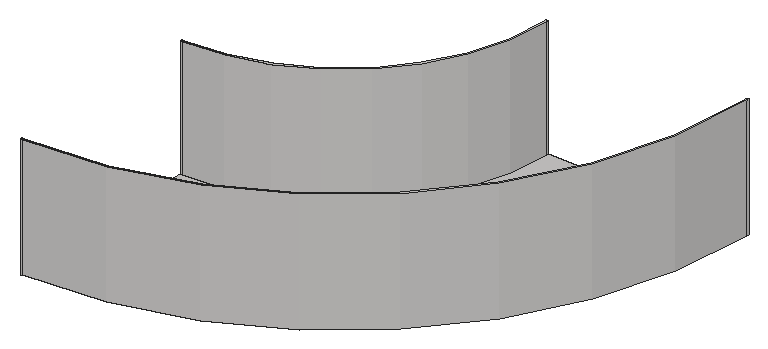
Revit family "S4R_OBO BETTERMANN_CableTray_Bend_Horizontal_RB FS", category Cable Tray Fittings, Revit 2012
Parameters
  Wholesaler art.no. = ""
  Wholesaler = ""
  Watermarked By = "www.stabiplan.com"
  WIDTH2 [instance] = WIDTH1  # 100 mm
  WIDTH1 [instance] = 100 mm
  VERSION = "91700"  # constant formula
  URL = "www.stabiplan.com"
  built-in parameter 1140111 [instance] = 1 mm
  TYPE [instance] = "RB FS"  # constant formula
  StabiCAD_PM = ""
  Safe_Half_Width2 [instance] = if(not([built-in parameter 1140115] > Half_Width2), [built-in parameter 1140115] - 0.2 mm, Half_Width2)  # 50 mm
  Safe_Half_Width1 [instance] = if(not([built-in parameter 1140115] > Half_Width1), [built-in parameter 1140115] - 0.2 mm, Half_Width1)  # 50 mm
  Manufacturer = "OBO BETTERMANN"  # constant formula
  Lmin [instance] = if(LENGTH1 > LENGTH2, LENGTH2, LENGTH1) - 1 mm  # 149 mm
  PRODUCTLINE [instance] = "OBO BETTERMANN CableTrays"  # constant formula
  LENGTH2 [instance] = if(and(WIDTH1 = 100 mm, HEIGHT1 = 60 mm, ANGLE2 = 90.00°), 150 mm, if(and(WIDTH1 = 200 mm, HEIGHT1 = 60 mm, ANGLE2 = 90.00°), 200 mm, if(and(WIDTH1 = 300 mm, HEIGHT1 = 60 mm, ANGLE2 = 90.00°), 250 mm, if(and(WIDTH1 = 400 mm, HEIGHT1 = 60 mm, ANGLE2 = 90.00°), 455 mm, if(and(WIDTH1 = 500 mm, HEIGHT1 = 60 mm, ANGLE2 = 90.00°), 505 mm, if(and(WIDTH1 = 600 mm, HEIGHT1 = 60 mm, ANGLE2 = 90.00°), 555 mm, if(and(WIDTH1 = 100 mm, HEIGHT1 = 110 mm, ANGLE2 = 90.00°), 150 mm, if(and(WIDTH1 = 200 mm, HEIGHT1 = 110 mm, ANGLE2 = 90.00°), 200 mm, if(and(WIDTH1 = 300 mm, HEIGHT1 = 110 mm, ANGLE2 = 90.00°), 250 mm, if(and(WIDTH1 = 400 mm, HEIGHT1 = 110 mm, ANGLE2 = 90.00°), 455 mm, if(and(WIDTH1 = 500 mm, HEIGHT1 = 110 mm, ANGLE2 = 90.00°), 505 mm, if(and(WIDTH1 = 550 mm, HEIGHT1 = 110 mm, ANGLE2 = 90.00°), 530 mm, if(and(WIDTH1 = 100 mm, HEIGHT1 = 60 mm, ANGLE2 = 45.00°), 150 mm, if(and(WIDTH1 = 150 mm, HEIGHT1 = 60 mm, ANGLE2 = 45.00°), 150 mm, if(and(WIDTH1 = 200 mm, HEIGHT1 = 60 mm, ANGLE2 = 45.00°), 150 mm, if(and(WIDTH1 = 300 mm, HEIGHT1 = 60 mm, ANGLE2 = 45.00°), 150 mm, if(and(WIDTH1 = 400 mm, HEIGHT1 = 60 mm, ANGLE2 = 45.00°), 255 mm, if(and(WIDTH1 = 500 mm, HEIGHT1 = 60 mm, ANGLE2 = 45.00°), 255 mm, if(and(WIDTH1 = 600 mm, HEIGHT1 = 60 mm, ANGLE2 = 45.00°), 255 mm, if(and(WIDTH1 = 100 mm, HEIGHT1 = 85 mm, ANGLE2 = 45.00°), 150 mm, if(and(WIDTH1 = 200 mm, HEIGHT1 = 85 mm, ANGLE2 = 45.00°), 150 mm, if(and(WIDTH1 = 300 mm, HEIGHT1 = 85 mm, ANGLE2 = 45.00°), 150 mm, if(and(WIDTH1 = 100 mm, HEIGHT1 = 110 mm, ANGLE2 = 45.00°), 150 mm, if(and(WIDTH1 = 200 mm, HEIGHT1 = 110 mm, ANGLE2 = 45.00°), 150 mm, if(and(WIDTH1 = 300 mm, HEIGHT1 = 110 mm, ANGLE2 = 45.00°), 150 mm, if(and(WIDTH1 = 100 mm, HEIGHT1 = 35 mm, ANGLE2 = 90.00°), 153 mm, if(and(WIDTH1 = 150 mm, HEIGHT1 = 35 mm, ANGLE2 = 90.00°), 178 mm, if(and(WIDTH1 = 200 mm, HEIGHT1 = 35 mm, ANGLE2 = 90.00°), 203 mm, if(and(WIDTH1 = 300 mm, HEIGHT1 = 35 mm, ANGLE2 = 90.00°), 253 mm, if(and(WIDTH1 = 150 mm, HEIGHT1 = 60 mm, ANGLE2 = 90.00°), 178 mm, if(and(WIDTH1 = 100 mm, HEIGHT1 = 85 mm, ANGLE2 = 90.00°), 153 mm, if(and(WIDTH1 = 200 mm, HEIGHT1 = 85 mm, ANGLE2 = 90.00°), 203 mm, if(and(WIDTH1 = 300 mm, HEIGHT1 = 85 mm, ANGLE2 = 90.00°), 253 mm, if(and(WIDTH1 = 400 mm, HEIGHT1 = 85 mm, ANGLE2 = 90.00°), 455 mm, if(and(WIDTH1 = 500 mm, HEIGHT1 = 85 mm, ANGLE2 = 90.00°), 505 mm, if(and(WIDTH1 = 600 mm, HEIGHT1 = 85 mm, ANGLE2 = 90.00°), 555 mm, WIDTH1 * 2))))))))))))))))))))))))))))))))))))  # 150 mm
  LENGTH1 [instance] = if(and(WIDTH1 = 100 mm, HEIGHT1 = 60 mm, ANGLE2 = 90.00°), 150 mm, if(and(WIDTH1 = 200 mm, HEIGHT1 = 60 mm, ANGLE2 = 90.00°), 200 mm, if(and(WIDTH1 = 300 mm, HEIGHT1 = 60 mm, ANGLE2 = 90.00°), 250 mm, if(and(WIDTH1 = 400 mm, HEIGHT1 = 60 mm, ANGLE2 = 90.00°), 455 mm, if(and(WIDTH1 = 500 mm, HEIGHT1 = 60 mm, ANGLE2 = 90.00°), 505 mm, if(and(WIDTH1 = 600 mm, HEIGHT1 = 60 mm, ANGLE2 = 90.00°), 555 mm, if(and(WIDTH1 = 100 mm, HEIGHT1 = 110 mm, ANGLE2 = 90.00°), 150 mm, if(and(WIDTH1 = 200 mm, HEIGHT1 = 110 mm, ANGLE2 = 90.00°), 200 mm, if(and(WIDTH1 = 300 mm, HEIGHT1 = 110 mm, ANGLE2 = 90.00°), 250 mm, if(and(WIDTH1 = 400 mm, HEIGHT1 = 110 mm, ANGLE2 = 90.00°), 455 mm, if(and(WIDTH1 = 500 mm, HEIGHT1 = 110 mm, ANGLE2 = 90.00°), 505 mm, if(and(WIDTH1 = 550 mm, HEIGHT1 = 110 mm, ANGLE2 = 90.00°), 530 mm, if(and(WIDTH1 = 100 mm, HEIGHT1 = 60 mm, ANGLE2 = 45.00°), 150 mm, if(and(WIDTH1 = 150 mm, HEIGHT1 = 60 mm, ANGLE2 = 45.00°), 150 mm, if(and(WIDTH1 = 200 mm, HEIGHT1 = 60 mm, ANGLE2 = 45.00°), 150 mm, if(and(WIDTH1 = 300 mm, HEIGHT1 = 60 mm, ANGLE2 = 45.00°), 150 mm, if(and(WIDTH1 = 400 mm, HEIGHT1 = 60 mm, ANGLE2 = 45.00°), 255 mm, if(and(WIDTH1 = 500 mm, HEIGHT1 = 60 mm, ANGLE2 = 45.00°), 255 mm, if(and(WIDTH1 = 600 mm, HEIGHT1 = 60 mm, ANGLE2 = 45.00°), 255 mm, if(and(WIDTH1 = 100 mm, HEIGHT1 = 85 mm, ANGLE2 = 45.00°), 150 mm, if(and(WIDTH1 = 200 mm, HEIGHT1 = 85 mm, ANGLE2 = 45.00°), 150 mm, if(and(WIDTH1 = 300 mm, HEIGHT1 = 85 mm, ANGLE2 = 45.00°), 150 mm, if(and(WIDTH1 = 100 mm, HEIGHT1 = 110 mm, ANGLE2 = 45.00°), 150 mm, if(and(WIDTH1 = 200 mm, HEIGHT1 = 110 mm, ANGLE2 = 45.00°), 150 mm, if(and(WIDTH1 = 300 mm, HEIGHT1 = 110 mm, ANGLE2 = 45.00°), 150 mm, if(and(WIDTH1 = 100 mm, HEIGHT1 = 35 mm, ANGLE2 = 90.00°), 153 mm, if(and(WIDTH1 = 150 mm, HEIGHT1 = 35 mm, ANGLE2 = 90.00°), 178 mm, if(and(WIDTH1 = 200 mm, HEIGHT1 = 35 mm, ANGLE2 = 90.00°), 203 mm, if(and(WIDTH1 = 300 mm, HEIGHT1 = 35 mm, ANGLE2 = 90.00°), 253 mm, if(and(WIDTH1 = 150 mm, HEIGHT1 = 60 mm, ANGLE2 = 90.00°), 178 mm, if(and(WIDTH1 = 100 mm, HEIGHT1 = 85 mm, ANGLE2 = 90.00°), 153 mm, if(and(WIDTH1 = 200 mm, HEIGHT1 = 85 mm, ANGLE2 = 90.00°), 203 mm, if(and(WIDTH1 = 300 mm, HEIGHT1 = 85 mm, ANGLE2 = 90.00°), 253 mm, if(and(WIDTH1 = 400 mm, HEIGHT1 = 85 mm, ANGLE2 = 90.00°), 455 mm, if(and(WIDTH1 = 500 mm, HEIGHT1 = 85 mm, ANGLE2 = 90.00°), 505 mm, if(and(WIDTH1 = 600 mm, HEIGHT1 = 85 mm, ANGLE2 = 90.00°), 555 mm, WIDTH1 * 2))))))))))))))))))))))))))))))))))))  # 150 mm
  L2_Tail [instance] = 1 mm  # constant formula
  L1_Tail [instance] = 1 mm  # constant formula
  Internal art.no. = ""
  ISCUSTOM [instance] = if(and(WIDTH1 = 100 mm, HEIGHT1 = 60 mm, ANGLE2 = 90.00°), 1 = 0, if(and(WIDTH1 = 200 mm, HEIGHT1 = 60 mm, ANGLE2 = 90.00°), 1 = 0, if(and(WIDTH1 = 300 mm, HEIGHT1 = 60 mm, ANGLE2 = 90.00°), 1 = 0, if(and(WIDTH1 = 400 mm, HEIGHT1 = 60 mm, ANGLE2 = 90.00°), 1 = 0, if(and(WIDTH1 = 500 mm, HEIGHT1 = 60 mm, ANGLE2 = 90.00°), 1 = 0, if(and(WIDTH1 = 600 mm, HEIGHT1 = 60 mm, ANGLE2 = 90.00°), 1 = 0, if(and(WIDTH1 = 100 mm, HEIGHT1 = 110 mm, ANGLE2 = 90.00°), 1 = 0, if(and(WIDTH1 = 200 mm, HEIGHT1 = 110 mm, ANGLE2 = 90.00°), 1 = 0, if(and(WIDTH1 = 300 mm, HEIGHT1 = 110 mm, ANGLE2 = 90.00°), 1 = 0, if(and(WIDTH1 = 400 mm, HEIGHT1 = 110 mm, ANGLE2 = 90.00°), 1 = 0, if(and(WIDTH1 = 500 mm, HEIGHT1 = 110 mm, ANGLE2 = 90.00°), 1 = 0, if(and(WIDTH1 = 550 mm, HEIGHT1 = 110 mm, ANGLE2 = 90.00°), 1 = 0, if(and(WIDTH1 = 100 mm, HEIGHT1 = 60 mm, ANGLE2 = 45.00°), 1 = 0, if(and(WIDTH1 = 150 mm, HEIGHT1 = 60 mm, ANGLE2 = 45.00°), 1 = 0, if(and(WIDTH1 = 200 mm, HEIGHT1 = 60 mm, ANGLE2 = 45.00°), 1 = 0, if(and(WIDTH1 = 300 mm, HEIGHT1 = 60 mm, ANGLE2 = 45.00°), 1 = 0, if(and(WIDTH1 = 400 mm, HEIGHT1 = 60 mm, ANGLE2 = 45.00°), 1 = 0, if(and(WIDTH1 = 500 mm, HEIGHT1 = 60 mm, ANGLE2 = 45.00°), 1 = 0, if(and(WIDTH1 = 600 mm, HEIGHT1 = 60 mm, ANGLE2 = 45.00°), 1 = 0, if(and(WIDTH1 = 100 mm, HEIGHT1 = 85 mm, ANGLE2 = 45.00°), 1 = 0, if(and(WIDTH1 = 200 mm, HEIGHT1 = 85 mm, ANGLE2 = 45.00°), 1 = 0, if(and(WIDTH1 = 300 mm, HEIGHT1 = 85 mm, ANGLE2 = 45.00°), 1 = 0, if(and(WIDTH1 = 100 mm, HEIGHT1 = 110 mm, ANGLE2 = 45.00°), 1 = 0, if(and(WIDTH1 = 200 mm, HEIGHT1 = 110 mm, ANGLE2 = 45.00°), 1 = 0, if(and(WIDTH1 = 300 mm, HEIGHT1 = 110 mm, ANGLE2 = 45.00°), 1 = 0, if(and(WIDTH1 = 100 mm, HEIGHT1 = 35 mm, ANGLE2 = 90.00°), 1 = 0, if(and(WIDTH1 = 150 mm, HEIGHT1 = 35 mm, ANGLE2 = 90.00°), 1 = 0, if(and(WIDTH1 = 200 mm, HEIGHT1 = 35 mm, ANGLE2 = 90.00°), 1 = 0, if(and(WIDTH1 = 300 mm, HEIGHT1 = 35 mm, ANGLE2 = 90.00°), 1 = 0, if(and(WIDTH1 = 150 mm, HEIGHT1 = 60 mm, ANGLE2 = 90.00°), 1 = 0, if(and(WIDTH1 = 100 mm, HEIGHT1 = 85 mm, ANGLE2 = 90.00°), 1 = 0, if(and(WIDTH1 = 200 mm, HEIGHT1 = 85 mm, ANGLE2 = 90.00°), 1 = 0, if(and(WIDTH1 = 300 mm, HEIGHT1 = 85 mm, ANGLE2 = 90.00°), 1 = 0, if(and(WIDTH1 = 400 mm, HEIGHT1 = 85 mm, ANGLE2 = 90.00°), 1 = 0, if(and(WIDTH1 = 500 mm, HEIGHT1 = 85 mm, ANGLE2 = 90.00°), 1 = 0, if(and(WIDTH1 = 600 mm, HEIGHT1 = 85 mm, ANGLE2 = 90.00°), 1 = 0, 1 = 1))))))))))))))))))))))))))))))))))))  # no
  IFCExportType = ""
  IFCExportAs = ""
  Half_Width2 [instance] = WIDTH2 / 2  # 50 mm
  Half_Width1 [instance] = WIDTH1 / 2  # 50 mm
  HEIGHT2 [instance] = HEIGHT1  # 60 mm
  HEIGHT1 [instance] = 60 mm
  GTINNUMBER [instance] = if(and(WIDTH1 = 100 mm, HEIGHT1 = 60 mm, ANGLE2 = 90.00°), "4012196050475", if(and(WIDTH1 = 200 mm, HEIGHT1 = 60 mm, ANGLE2 = 90.00°), "4012196050536", if(and(WIDTH1 = 300 mm, HEIGHT1 = 60 mm, ANGLE2 = 90.00°), "4012196050598", if(and(WIDTH1 = 400 mm, HEIGHT1 = 60 mm, ANGLE2 = 90.00°), "4012196211630", if(and(WIDTH1 = 500 mm, HEIGHT1 = 60 mm, ANGLE2 = 90.00°), "4012196211692", if(and(WIDTH1 = 600 mm, HEIGHT1 = 60 mm, ANGLE2 = 90.00°), "4012196211753", if(and(WIDTH1 = 100 mm, HEIGHT1 = 110 mm, ANGLE2 = 90.00°), "4012196819430", if(and(WIDTH1 = 200 mm, HEIGHT1 = 110 mm, ANGLE2 = 90.00°), "4012196819492", if(and(WIDTH1 = 300 mm, HEIGHT1 = 110 mm, ANGLE2 = 90.00°), "4012196819553", if(and(WIDTH1 = 400 mm, HEIGHT1 = 110 mm, ANGLE2 = 90.00°), "4012196212354", if(and(WIDTH1 = 500 mm, HEIGHT1 = 110 mm, ANGLE2 = 90.00°), "4012196212415", if(and(WIDTH1 = 550 mm, HEIGHT1 = 110 mm, ANGLE2 = 90.00°), "4012196212477", if(and(WIDTH1 = 100 mm, HEIGHT1 = 60 mm, ANGLE2 = 45.00°), "4012196052271", if(and(WIDTH1 = 150 mm, HEIGHT1 = 60 mm, ANGLE2 = 45.00°), "4012196052219", if(and(WIDTH1 = 200 mm, HEIGHT1 = 60 mm, ANGLE2 = 45.00°), "4012196052332", if(and(WIDTH1 = 300 mm, HEIGHT1 = 60 mm, ANGLE2 = 45.00°), "4012196052394", if(and(WIDTH1 = 400 mm, HEIGHT1 = 60 mm, ANGLE2 = 45.00°), "4012196210374", if(and(WIDTH1 = 500 mm, HEIGHT1 = 60 mm, ANGLE2 = 45.00°), "4012196210435", if(and(WIDTH1 = 600 mm, HEIGHT1 = 60 mm, ANGLE2 = 45.00°), "4012196210497", if(and(WIDTH1 = 100 mm, HEIGHT1 = 85 mm, ANGLE2 = 45.00°), "4012196818419", if(and(WIDTH1 = 200 mm, HEIGHT1 = 85 mm, ANGLE2 = 45.00°), "4012196818471", if(and(WIDTH1 = 300 mm, HEIGHT1 = 85 mm, ANGLE2 = 45.00°), "4012196818532", if(and(WIDTH1 = 100 mm, HEIGHT1 = 110 mm, ANGLE2 = 45.00°), "4012196818594", if(and(WIDTH1 = 200 mm, HEIGHT1 = 110 mm, ANGLE2 = 45.00°), "4012196818778", if(and(WIDTH1 = 300 mm, HEIGHT1 = 110 mm, ANGLE2 = 45.00°), "4012196818839", if(and(WIDTH1 = 100 mm, HEIGHT1 = 35 mm, ANGLE2 = 90.00°), "4012196050239", if(and(WIDTH1 = 150 mm, HEIGHT1 = 35 mm, ANGLE2 = 90.00°), "4012196926657", if(and(WIDTH1 = 200 mm, HEIGHT1 = 35 mm, ANGLE2 = 90.00°), "4012196050291", if(and(WIDTH1 = 300 mm, HEIGHT1 = 35 mm, ANGLE2 = 90.00°), "4012196050352", if(and(WIDTH1 = 150 mm, HEIGHT1 = 60 mm, ANGLE2 = 90.00°), "4012196050413", if(and(WIDTH1 = 100 mm, HEIGHT1 = 85 mm, ANGLE2 = 90.00°), "4012196818891", if(and(WIDTH1 = 200 mm, HEIGHT1 = 85 mm, ANGLE2 = 90.00°), "4012196819317", if(and(WIDTH1 = 300 mm, HEIGHT1 = 85 mm, ANGLE2 = 90.00°), "4012196819379", if(and(WIDTH1 = 400 mm, HEIGHT1 = 85 mm, ANGLE2 = 90.00°), "4012196211999", if(and(WIDTH1 = 500 mm, HEIGHT1 = 85 mm, ANGLE2 = 90.00°), "4012196212057", if(and(WIDTH1 = 600 mm, HEIGHT1 = 85 mm, ANGLE2 = 90.00°), "4012196212118", "Unknown"))))))))))))))))))))))))))))))))))))  # "4012196050475"
  ETIM article class = ""
  Description = "Horizontal CableTray Bend"
  DEEPLINK = "http://catalog1.obo-bettermann.com/catalogue/catalogue.do?forward=showProductGroup&act=showIO&favOid=kts_6406&action=showManyProducts&lang=de&OID=kts_6406&catId="
  Copyright = "© Stabiplan BV / Stabiplan International BV"  # constant formula
  CT2 [instance] = 1
  CT1 [instance] = 1
  BodyColor = Steel
  built-in parameter 1140115 [instance] = Lmin / tan(ANGLE2 / 2)  # 149 mm
  ARTICLENUMBER [instance] = if(and(WIDTH1 = 100 mm, HEIGHT1 = 60 mm, ANGLE2 = 90.00°), "6043216", if(and(WIDTH1 = 200 mm, HEIGHT1 = 60 mm, ANGLE2 = 90.00°), "6043224", if(and(WIDTH1 = 300 mm, HEIGHT1 = 60 mm, ANGLE2 = 90.00°), "6043232", if(and(WIDTH1 = 400 mm, HEIGHT1 = 60 mm, ANGLE2 = 90.00°), "7001290", if(and(WIDTH1 = 500 mm, HEIGHT1 = 60 mm, ANGLE2 = 90.00°), "7001304", if(and(WIDTH1 = 600 mm, HEIGHT1 = 60 mm, ANGLE2 = 90.00°), "7001312", if(and(WIDTH1 = 100 mm, HEIGHT1 = 110 mm, ANGLE2 = 90.00°), "7001894", if(and(WIDTH1 = 200 mm, HEIGHT1 = 110 mm, ANGLE2 = 90.00°), "7001916", if(and(WIDTH1 = 300 mm, HEIGHT1 = 110 mm, ANGLE2 = 90.00°), "7001932", if(and(WIDTH1 = 400 mm, HEIGHT1 = 110 mm, ANGLE2 = 90.00°), "7001940", if(and(WIDTH1 = 500 mm, HEIGHT1 = 110 mm, ANGLE2 = 90.00°), "7001967", if(and(WIDTH1 = 550 mm, HEIGHT1 = 110 mm, ANGLE2 = 90.00°), "7001975", if(and(WIDTH1 = 100 mm, HEIGHT1 = 60 mm, ANGLE2 = 45.00°), "6043763", if(and(WIDTH1 = 150 mm, HEIGHT1 = 60 mm, ANGLE2 = 45.00°), "6043755", if(and(WIDTH1 = 200 mm, HEIGHT1 = 60 mm, ANGLE2 = 45.00°), "6043771", if(and(WIDTH1 = 300 mm, HEIGHT1 = 60 mm, ANGLE2 = 45.00°), "6043798", if(and(WIDTH1 = 400 mm, HEIGHT1 = 60 mm, ANGLE2 = 45.00°), "7000383", if(and(WIDTH1 = 500 mm, HEIGHT1 = 60 mm, ANGLE2 = 45.00°), "7000405", if(and(WIDTH1 = 600 mm, HEIGHT1 = 60 mm, ANGLE2 = 45.00°), "7000421", if(and(WIDTH1 = 100 mm, HEIGHT1 = 85 mm, ANGLE2 = 45.00°), "7000472", if(and(WIDTH1 = 200 mm, HEIGHT1 = 85 mm, ANGLE2 = 45.00°), "7000499", if(and(WIDTH1 = 300 mm, HEIGHT1 = 85 mm, ANGLE2 = 45.00°), "7000510", if(and(WIDTH1 = 100 mm, HEIGHT1 = 110 mm, ANGLE2 = 45.00°), "7000634", if(and(WIDTH1 = 200 mm, HEIGHT1 = 110 mm, ANGLE2 = 45.00°), "7000650", if(and(WIDTH1 = 300 mm, HEIGHT1 = 110 mm, ANGLE2 = 45.00°), "7000677", if(and(WIDTH1 = 100 mm, HEIGHT1 = 35 mm, ANGLE2 = 90.00°), "6043119", if(and(WIDTH1 = 150 mm, HEIGHT1 = 35 mm, ANGLE2 = 90.00°), "6043123", if(and(WIDTH1 = 200 mm, HEIGHT1 = 35 mm, ANGLE2 = 90.00°), "6043127", if(and(WIDTH1 = 300 mm, HEIGHT1 = 35 mm, ANGLE2 = 90.00°), "6043135", if(and(WIDTH1 = 150 mm, HEIGHT1 = 60 mm, ANGLE2 = 90.00°), "6043208", if(and(WIDTH1 = 100 mm, HEIGHT1 = 85 mm, ANGLE2 = 90.00°), "7001762", if(and(WIDTH1 = 200 mm, HEIGHT1 = 85 mm, ANGLE2 = 90.00°), "7001789", if(and(WIDTH1 = 300 mm, HEIGHT1 = 85 mm, ANGLE2 = 90.00°), "7001800", if(and(WIDTH1 = 400 mm, HEIGHT1 = 85 mm, ANGLE2 = 90.00°), "7001819", if(and(WIDTH1 = 500 mm, HEIGHT1 = 85 mm, ANGLE2 = 90.00°), "7001835", if(and(WIDTH1 = 600 mm, HEIGHT1 = 85 mm, ANGLE2 = 90.00°), "7001851", "Unknown"))))))))))))))))))))))))))))))))))))  # "6043216"
  ARTICLEDESCRIPTION [instance] = "Horizontal CableTray Bend"
  ANGLE2 [instance] = 90.00°
Reference planes
  plane 1 "Center (Front/Back)": y = 0
  plane 2: z = 0
  plane 3 "Center (Left/Right)": x = 0
  plane 4: y = 149
  plane 5: x = -149
Forms (mm)
  Sweep 1, solid, material "Steel" <- "BodyColor", detail levels medium
    path in 3D
      loop
        line (-149, 0, 0) -> (-150, 0, 0)
    profile origin (-149.5, 0, 0) x (0, -1, 0) y (0, 0, 1)
      loop
        line (-50, 30) -> (-50, -30) -> (50, -30) -> (50, 30) -> (-50, 30)
  Sweep 2, solid, material "Steel" <- "BodyColor", detail levels medium
    path in 3D
      loop
        line (0, 149, 0) -> (0, 150, 0)
    profile origin (0, 149.5, 0) x (-1, 0, 0) y (0, 0, 1)
      loop
        line (50, -30) -> (50, 30) -> (-50, 30) -> (-50, -30) -> (50, -30)
  SweptBlend 3, solid, material "Steel" <- "BodyColor", detail levels medium
    path in 3D
      loop
        arc (-149, 0, 0) -> (-43.641, 43.641, 0) -> (0, 149, 0) r 149
    profile origin (-149, 0, 0) x (0, 1, 0) y (0, 0, 1)
      loop
        line (50, 30) -> (-50, 30) -> (-50, -30) -> (50, -30) -> (50, 30)
    end profile origin (0, 149, 0) x (-1, 0, 0) y (0, 0, 1)
      loop
        line (50, 30) -> (-50, 30) -> (-50, -30) -> (50, -30) -> (50, 30)
  Sweep 4, solid, material "Steel" <- "BodyColor", detail levels fine
    path in 3D
      loop
        line (-149, 0, 0) -> (-150, 0, 0)
    profile origin (-149.5, 0, 0) x (0, -1, 0) y (0, 0, 1)
      loop
        line (-50, 30) -> (-50, -30) -> (50, -30) -> (50, 30) -> (49, 30) -> (49, -29) -> (-49, -29) -> (-49, 30) -> (-50, 30)
  Sweep 5, solid, material "Steel" <- "BodyColor", detail levels fine
    path in 3D
      loop
        line (0, 149, 0) -> (0, 150, 0)
    profile origin (0, 149.5, 0) x (-1, 0, 0) y (0, 0, 1)
      loop
        line (-50, 30) -> (-50, -30) -> (50, -30) -> (50, 30) -> (49, 30) -> (49, -29) -> (-49, -29) -> (-49, 30) -> (-50, 30)
  SweptBlend 6, solid, material "Steel" <- "BodyColor", detail levels fine
    path in 3D
      loop
        arc (-149, 0, 0) -> (-43.641, 43.641, 0) -> (0, 149, 0) r 149
    profile origin (-149, 0, 0) x (0, 1, 0) y (0, 0, 1)
      loop
        line (50, 30) -> (49, 30) -> (49, -29) -> (-49, -29) -> (-49, 30) -> (-50, 30) -> (-50, -30) -> (50, -30) -> (50, 30)
    end profile origin (0, 149, 0) x (-1, 0, 0) y (0, 0, 1)
      loop
        line (50, 30) -> (49, 30) -> (49, -29) -> (-49, -29) -> (-49, 30) -> (-50, 30) -> (-50, -30) -> (50, -30) -> (50, 30)
Cuts and joins
  joined: Sweep 4, Sweep 5, SweptBlend 6
  joined: Sweep 1, Sweep 2, SweptBlend 3
Lines and regions (mm)
  reference lines
    curve 1: line (-149, 149, 0) -> (-149, 0, 0)
    curve 2: line (-149, 0, 0) -> (0, 0, 0)
    curve 3: line (0, 0, 0) -> (0, 149, 0)
    curve 4: line (0, 149, 0) -> (-149, 149, 0)
    curve 5: arc (-149, 0, 0) -> (-43.641, 43.641, 0) -> (0, 149, 0) r 149
    curve 6: line (-149, 0, 0) -> (-150, 0, 0)
    curve 7: line (0, 149, 0) -> (0, 150, 0)
  model lines, detail levels coarse
    curve 8: line (-399, 0, 0) -> (-400, 0, 0)
    curve 9: line (-49, 399, 0) -> (-49, 400, 0)
  sketch lines
    curve 10: line (-149, 0, 0) -> (-150, 0, 0)
    curve 11: line (0, 149, 0) -> (0, 150, 0)
    curve 12: arc (-149, 0, 0) -> (-43.641, 43.641, 0) -> (0, 149, 0) r 149
    curve 13: line (-149, 0, 0) -> (-150, 0, 0)
    curve 14: line (0, 149, 0) -> (0, 150, 0)
    curve 15: arc (-149, 0, 0) -> (-43.641, 43.641, 0) -> (0, 149, 0) r 149
  model lines, style "Coarse", detail levels coarse
    curve 16: line (-149, 0, 0) -> (-150, 0, 0)
    curve 17: arc (-149, 0, 0) -> (-43.641, 43.641, 0) -> (0, 149, 0) r 149
    curve 18: line (0, 149, 0) -> (0, 150, 0)
Dimensions and locks
  "Lmin": plane 5 to plane 3 "Center (Left/Right)"
  "built-in parameter 1140115": plane 4 to plane 1 "Center (Front/Back)"
  "built-in parameter 1140115": curve 4 to curve 4
  "built-in parameter 1140115": plane 1 "Center (Front/Back)" to curve 1
  "L1_Tail": curve 6 to curve 6
  "L2_Tail": curve 7 to curve 7
  equal spacing: Sweep 1 sketch curve, profile plane, Sweep 1 sketch curve  (x2)
  "WIDTH1": Sweep 1 sketch curve to Sweep 1 sketch curve
  "HEIGHT1": Sweep 1 sketch curve to Sweep 1 sketch curve
  equal spacing: Sweep 2 sketch curve, profile plane, Sweep 2 sketch curve  (x2)
  "WIDTH2": Sweep 2 sketch curve to Sweep 2 sketch curve
  "HEIGHT2": Sweep 2 sketch curve to Sweep 2 sketch curve
  equal spacing: SweptBlend 3 sketch curve, profile plane, SweptBlend 3 sketch curve  (x2)
  "HEIGHT1": SweptBlend 3 sketch curve to SweptBlend 3 sketch curve
  "HEIGHT2": SweptBlend 3 sketch curve to SweptBlend 3 sketch curve
  equal spacing: Sweep 4 sketch curve, profile plane, Sweep 4 sketch curve  (x3)
  "HEIGHT1": Sweep 4 sketch curve to Sweep 4 sketch curve
  "WIDTH1": Sweep 4 sketch curve to Sweep 4 sketch curve
  "built-in parameter 1140111": Sweep 4 sketch curve to Sweep 1  (x2)
  "built-in parameter 1140111": Sweep 1 to Sweep 4 sketch curve
  equal spacing: Sweep 5 sketch curve, profile plane, Sweep 5 sketch curve  (x3)
  "HEIGHT2": Sweep 5 sketch curve to Sweep 5 sketch curve
  "WIDTH2": Sweep 5 sketch curve to Sweep 5 sketch curve
  "built-in parameter 1140111": Sweep 5 sketch curve to Sweep 5 sketch curve  (x3)
  "built-in parameter 1140111": SweptBlend 6 sketch curve to SweptBlend 6 sketch curve  (x6)
  equal spacing: SweptBlend 6 sketch curve, profile plane, SweptBlend 6 sketch curve  (x4)
  "HEIGHT1": SweptBlend 6 sketch curve to SweptBlend 6 sketch curve
  "HEIGHT2": SweptBlend 6 sketch curve to SweptBlend 6 sketch curve
  "Safe_Half_Width1": profile plane to SweptBlend 6 sketch curve
  "Half_Width1": SweptBlend 6 sketch curve to profile plane
  "Safe_Half_Width2": SweptBlend 6 sketch curve to profile plane
  "Half_Width2": profile plane to SweptBlend 6 sketch curve
  "Safe_Half_Width1": profile plane to SweptBlend 3 sketch curve
  "Half_Width1": SweptBlend 3 sketch curve to profile plane
  "Safe_Half_Width2": SweptBlend 3 sketch curve to profile plane
  "Half_Width2": profile plane to SweptBlend 3 sketch curve
  "built-in parameter 1140115": radius of curve 5
  "ANGLE2": angle plane 5 to curve 4
  locked: curve 7 to curve 4 (angle 90.00°)
  "ANGLE2": angle plane 1 "Center (Front/Back)" to curve 18
  aligned and locked: level to plane 2
  aligned and locked: plane 1 "Center (Front/Back)" to curve 2  (x2)
  aligned and locked: plane 3 "Center (Left/Right)" to curve 2
  aligned and locked: curve 1 to plane 5
  aligned and locked: curve 17 to curve 5
  aligned and locked: SweptBlend 3 to curve 18
  aligned and locked: Sweep 2 to curve 18
Automatic sketch dimensions
  plane 1 "Center (Front/Back)" to curve 8 = 0 mm
  curve 8 to curve 16 = 249 mm
  curve 8 to curve 8 = 1 mm
  curve 9 to plane 3 "Center (Left/Right)" = 49 mm
  plane 4 to curve 9 = 250 mm
  curve 9 to curve 9 = 1 mm
  curve 16 to plane 5 = 1 mm
Connectors
  cabletrayconduit at (-150, 0, 0), driven by "HEIGHT1", driven by "WIDTH1", driven by "ANGLE2"
    settings: on Sweep 1, index 1, connector width 100 mm, connector height 60 mm, connector radius 300 mm, connector angle 90.00°, system type 32, placement type 0, profile type 1, connector reference index 2, is primary connector yes, connector utility param no, connector description ""
  cabletrayconduit at (0, 150, 0), driven by "ANGLE2", driven by "HEIGHT2", driven by "WIDTH2"
    settings: on Sweep 2, index 2, connector width 100 mm, connector height 60 mm, connector radius 300 mm, connector angle 90.00°, system type 32, placement type 0, profile type 1, connector reference index 1, is primary connector no, connector utility param no, connector description ""
